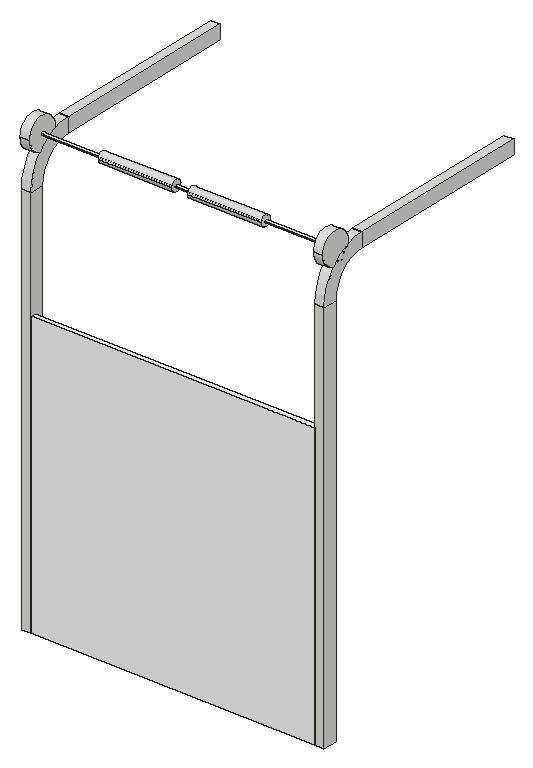
Revit family "Cruiserweight-HL", category Generic Models, host Wall, Revit 2023
Family settings
  Host = Wall
  Can host rebar = No
  Round Connector Dimension = Use Diameter
  Part Type = Normal
  Always vertical = Yes
  Cut with Voids When Loaded = Yes
  Maintain Annotation Orientation = No
  Shared = No
  Room Calculation Point = No
Parameters (values of type "9' x 9'")
  VerticalTrack = TrackHeight - (1' 6")  # 12' - 6"
  Type Comments = "Insulated"  # constant formula
  TrackWidth = 0' - 3 1/2"
  TrackHeight = OpeningHeight + HeadRoom  # 14' - 0"
  TrackDepth = 0' - 5 3/8"
  PanelSize = 2' - 0"  # constant formula
  OpeningWidth = 9' - 0"
  OpeningHeight = 9' - 0"
  Model = "Cruiserweight"  # constant formula
  Manufacturer = "TKO"  # constant formula
  HorizTrack = OpeningHeight - HeadRoom + 2' 0"  # 6' - 0"
  HeadRoom = 5' - 0"  # constant formula
  DoorThk = 0' - 1 3/4"  # constant formula
  Description = "Sectional Door"  # constant formula
  Default Elevation = 0' - 0"
Types (16): name | VerticalTrack | TrackHeight | TrackDepth | OpeningWidth | OpeningHeight | HorizTrack
  (no name) | 12' - 6" | 14' - 0" | 0' - 5 3/8" | 9' - 0" | 9' - 0" | 6' - 0"
  8' x 10' | 13' - 6" | 15' - 0" | 0' - 5 3/8" | 8' - 0" | 10' - 0" | 7' - 0"
  9' x 10' | 13' - 6" | 15' - 0" | 0' - 5 3/8" | 9' - 0" | 10' - 0" | 7' - 0"
  10' x 10' | 13' - 6" | 15' - 0" | 0' - 5 3/8" | 10' - 0" | 10' - 0" | 7' - 0"
  10' x 11' | 14' - 6" | 16' - 0" | 0' - 5 5/8" | 10' - 0" | 11' - 0" | 8' - 0"
  9' x 11' | 14' - 6" | 16' - 0" | 0' - 5 3/8" | 9' - 0" | 11' - 0" | 8' - 0"
  8' x 11' | 14' - 6" | 16' - 0" | 0' - 5 3/8" | 8' - 0" | 11' - 0" | 8' - 0"
  10' x 12' | 15' - 6" | 17' - 0" | 0' - 5 3/8" | 10' - 0" | 12' - 0" | 9' - 0"
  8' x 12' | 15' - 6" | 17' - 0" | 0' - 5 3/8" | 8' - 0" | 12' - 0" | 9' - 0"
  9' x 12' | 15' - 6" | 17' - 0" | 0' - 5 3/8" | 9' - 0" | 12' - 0" | 9' - 0"
  10' x 8' | 11' - 6" | 13' - 0" | 0' - 5 3/8" | 10' - 0" | 8' - 0" | 5' - 0"
  10' x 9' | 12' - 6" | 14' - 0" | 0' - 5 3/8" | 10' - 0" | 9' - 0" | 6' - 0"
  8' x 9' | 12' - 6" | 14' - 0" | 0' - 5 3/8" | 8' - 0" | 9' - 0" | 6' - 0"
  8' x 8' | 11' - 6" | 13' - 0" | 0' - 5 3/8" | 8' - 0" | 8' - 0" | 5' - 0"
  9' x 9' | 12' - 6" | 14' - 0" | 0' - 5 3/8" | 9' - 0" | 9' - 0" | 6' - 0"
  9' x 8' | 12' - 6" | 14' - 0" | 0' - 5 3/8" | 9' - 0" | 9' - 0" | 6' - 0"
Reference planes (in)
  plane 1: y = 0
  plane 2 "Center (Left/Right)": x = 0
  plane 3 "Wall Edge": y = 3
  plane 4: x = -54
  plane 5: x = 54
  plane 6: z = 108
  plane 7: y = 3
  plane 8: y = 4.75
  plane 9: z = 24
  plane 10: z = 48
  plane 11: z = 72
  plane 12: x = -57.5
  plane 13: x = 57.5
  plane 14: y = 8.375
  plane 15: z = 168
  plane 16: z = 96
  plane 17: z = 120
  plane 18: x = -3
  plane 19: x = 3
  plane 20: x = 31
  plane 21: x = -31
  plane 22: z = 150
  plane 23: y = 21
  plane 24: y = 93
Forms (in)
  Extrusion 1, void
    sketch origin (0, 3, 0) x (1, 0, 0) y (0, 0, 1)
      loop
        line (54, 108) -> (-54, 108) -> (-54, 0) -> (54, 0) -> (54, 108)
    from 0 to 6
  Extrusion 2, solid, material "DOOR PANEL"
    sketch origin (0, 0, 0) x (1, 0, 0) y (0, 1, 0)
      loop
        line (-54, 4.75) -> (-54, 3) -> (54, 3) -> (54, 4.75) -> (-54, 4.75)
    from 0 to 108
  Extrusion 3, solid, material "Steel"
    sketch origin (0, 0, 0) x (1, 0, 0) y (0, 1, 0)
      loop
        line (-57.5, 8.375) -> (-57.5, 3) -> (-54, 3) -> (-54, 8.375) -> (-57.5, 8.375)
      loop
        line (54, 8.375) -> (54, 3) -> (57.5, 3) -> (57.5, 8.375) -> (54, 8.375)
    from 0 to 150
  Extrusion 4, solid, material "Steel"
    sketch origin (0, 0, 0) x (0, 1, 0) y (0, 0, 1)
      loop
        circle (8.375, 168) r 6
    from 54 to 57.5
  Extrusion 5, solid, material "Steel"
    sketch origin (0, -10.92879, 3.20988) x (0, 1, 0) y (0, 0, -1)
      loop
        circle (19.30379, -164.79012) r 6
    from 54 to 57.5
  Extrusion 6, solid, material "Steel"
    sketch origin (0, 0, 0) x (0, 1, 0) y (0, 0, 1)
      loop
        circle (8.375, 168) r 0.5
    from -54 to 54
  Extrusion 7, solid, material "Steel"
    sketch origin (0, 0, 0) x (0, 1, 0) y (0, 0, 1)
      loop
        circle (8.375, 168) r 2
    from 3 to 31
  Extrusion 8, solid, material "Steel"
    sketch origin (0, 0, 0) x (0, 1, 0) y (0, 0, -1)
      loop
        circle (8.375, -168) r 2
    from 3 to 31
  Extrusion 9, solid, material "Steel"
    sketch origin (0, 0, 0) x (0, 1, 0) y (0, 0, 1)
      loop
        line (3, 150) -> (8.375, 150)
        arc (8.375, 150) -> (12.07278, 158.92722) -> (21, 162.625) r 12.625
        line (21, 162.625) -> (21, 168)
        arc (21, 168) -> (8.27208, 162.72792) -> (3, 150) r 18
    from 54 to 57.5
  Extrusion 10, solid, material "Steel"
    sketch origin (0, 0, 0) x (0, 1, 0) y (0, 0, -1)
      loop
        arc (3, -150) -> (8.27208, -162.72792) -> (21, -168) r 18
        line (21, -168) -> (21, -162.625)
        arc (21, -162.625) -> (12.07278, -158.92722) -> (8.375, -150) r 12.625
        line (8.375, -150) -> (3, -150)
    from 54 to 57.5
  Extrusion 11, solid, material "Steel"
    sketch origin (0, 3, 0) x (1, 0, 0) y (0, 0, 1)
      loop
        line (-57.5, 168) -> (-57.5, 162.625) -> (-54, 162.625) -> (-54, 168) -> (-57.5, 168)
      loop
        line (57.5, 168) -> (54, 168) -> (54, 162.625) -> (57.5, 162.625) -> (57.5, 168)
    from -90 to -18
Cuts and joins
  joined: Extrusion 3, Extrusion 4, Extrusion 5
Lines and regions (in)
  model lines
    curve 1: line (54, 3, 24) -> (-54, 3, 24)
    curve 2: line (-54, 3, 48) -> (54, 3, 48)
    curve 3: line (54, 3, 72) -> (-54, 3, 72)
    curve 4: line (54, 3, 96) -> (-54, 3, 96)
    curve 5: line (54, 3, 120) -> (-54, 3, 120)
Text (in)
  text "Placement Side" at (0, 40.15149, 123.01588), in view "Right"
  text "Placement Side" at (-70.3804, 83.26548, 0), in view "Ref. Level"
  text "Placement Side" at (0, 81.62555, 140.59947), in view "Left"
Dimensions and locks (in)
  locked: plane 3 "Wall Edge" to host wall
  equal spacing: plane 5, plane 2 "Center (Left/Right)", plane 4
  "OpeningWidth": plane 5 to plane 4
  "DoorThk": plane 7 to plane 8
  "TrackDepth": plane 14 to plane 7
  "TrackWidth": plane 12 to plane 4
  "TrackWidth": plane 5 to plane 13
  "PanelSize": plane 9 to level
  equal spacing: plane 17, plane 16, plane 11, plane 10, plane 9, level
  "OpeningHeight": level to plane 6
  equal spacing: plane 18, plane 2 "Center (Left/Right)", plane 19, locked at 3 each
  locked: plane 21 to plane 18 at 28
  locked: plane 19 to plane 20 at 28
  "VerticalTrack": level to plane 22
  "HeadRoom": plane 6 to plane 15
  locked: plane 7 to plane 23 at 18
  "HorizTrack": plane 24 to plane 23
  radius of Extrusion 4 sketch curve = 0' - 6"
  radius of Extrusion 5 sketch curve = 0' - 6"
  radius of Extrusion 6 sketch curve = 0' - 0 1/2"
  radius of Extrusion 7 sketch curve = 0' - 2"
  radius of Extrusion 8 sketch curve = 0' - 2"
  radius of Extrusion 9 sketch curve = 1' - 6"
  radius of Extrusion 9 sketch curve = 1' - 0 5/8"
  radius of Extrusion 10 sketch curve = 1' - 6"
  radius of Extrusion 10 sketch curve = 1' - 0 5/8"
  aligned and locked: host wall to plane 7
  aligned and locked: Extrusion 1 sketch curve to plane 5
  aligned and locked: Extrusion 1 sketch curve to plane 4
  aligned and locked: Extrusion 1 to plane 7
  aligned and locked: host wall to Extrusion 1
  aligned and locked: Extrusion 2 to plane 3 "Wall Edge"
  aligned and locked: plane 8 to Extrusion 2
  aligned and locked: Extrusion 2 to plane 6
  aligned and locked: Extrusion 3 sketch curve to plane 14  (x2)
  aligned and locked: Extrusion 3 sketch curve to plane 12
  aligned and locked: curve 1 to Extrusion 3 sketch curve
  aligned and locked: plane 5 to Extrusion 3 sketch curve
  aligned and locked: Extrusion 3 sketch curve to plane 7
  aligned and locked: Extrusion 3 sketch curve to plane 13
  aligned and locked: plane 15 to Extrusion 4 sketch curve
  aligned and locked: Extrusion 3 to Extrusion 4 sketch curve
  aligned and locked: Extrusion 4 to plane 13
  aligned and locked: Extrusion 4 to plane 5
  aligned and locked: plane 4 to Extrusion 5
  aligned and locked: Extrusion 5 to plane 12
  aligned and locked: curve 2 to plane 10
  aligned and locked: curve 3 to plane 11
  aligned and locked: curve 1 to plane 9
  aligned and locked: cut or joined group of Extrusion 3, Extrusion 4, Extrusion 5 to Extrusion 6 sketch curve
  aligned and locked: plane 5 to Extrusion 6
  aligned and locked: Extrusion 6 to plane 4
  aligned and locked: cut or joined group of Extrusion 3, Extrusion 4, Extrusion 5 to level
  aligned and locked: Extrusion 2 to level
  aligned and locked: curve 4 to plane 16
  aligned and locked: curve 5 to plane 17
  aligned and locked: level to Extrusion 2
  aligned and locked: Extrusion 1 sketch curve to level
  aligned and locked: Extrusion 1 sketch curve to plane 6
  aligned and locked: plane 15 to Extrusion 7 sketch curve
  aligned and locked: plane 14 to Extrusion 7 sketch curve
  aligned and locked: Extrusion 7 to plane 20
  aligned and locked: plane 19 to Extrusion 7
  aligned and locked: Extrusion 8 to plane 18
  aligned and locked: plane 21 to Extrusion 8
  aligned and locked: plane 15 to Extrusion 8 sketch curve
  aligned and locked: Extrusion 8 sketch curve to plane 14
  aligned and locked: plane 22 to cut or joined group of Extrusion 3, Extrusion 4, Extrusion 5
  aligned and locked: Extrusion 9 sketch curve to cut or joined group of Extrusion 3, Extrusion 4, Extrusion 5
  aligned and locked: plane 23 to Extrusion 9 sketch curve
  aligned and locked: plane 22 to Extrusion 9 sketch curve
  aligned and locked: Extrusion 9 sketch curve to plane 23
  aligned and locked: cut or joined group of Extrusion 3, Extrusion 4, Extrusion 5 to Extrusion 9
  aligned and locked: Extrusion 9 to plane 5
  aligned and locked: plane 4 to Extrusion 10
  aligned and locked: plane 13 to Extrusion 9
  aligned and locked: plane 5 to Extrusion 9
  aligned and locked: Extrusion 11 sketch curve to Extrusion 10  (x4)
  aligned and locked: Extrusion 11 sketch curve to Extrusion 9  (x3)
  aligned and locked: Extrusion 9 to Extrusion 11 sketch curve
  aligned and locked: plane 24 to Extrusion 11
  aligned and locked: Extrusion 11 to plane 23
  aligned and locked: Extrusion 10 to plane 12
  aligned and locked: Extrusion 10 to plane 4
  aligned and locked: plane 15 to Extrusion 5 sketch curve
  aligned and locked: Extrusion 2 to plane 4
  aligned and locked: Extrusion 2 to plane 5
  aligned and locked: cut or joined group of Extrusion 3, Extrusion 4, Extrusion 5 to plane 4
Automatic sketch dimensions
  Extrusion 2 sketch curve to host wall = 0' - 0"
  Extrusion 2 sketch curve to plane 4 = 0' - 0"
  plane 5 to Extrusion 2 sketch curve = 0' - 0"
  Extrusion 2 sketch curve to plane 8 = 0' - 0"
  curve 3 to plane 4 = 0' - 0"
  curve 1 to plane 4 = 0' - 0"
  curve 2 to plane 4 = 0' - 0"
  curve 4 to plane 4 = 0' - 0"
  curve 5 to plane 4 = 0' - 0"
  curve 4 to plane 5 = 0' - 0"
  curve 2 to plane 5 = 0' - 0"
  curve 5 to plane 5 = 0' - 0"
  curve 1 to plane 5 = 0' - 0"
  curve 3 to plane 5 = 0' - 0"
  plane 4 to Extrusion 3 sketch curve = 0' - 0"
  Extrusion 3 sketch curve to plane 13 = 0' - 0"
  Extrusion 6 sketch curve to plane 15 = 0' - 0"
  Extrusion 10 sketch curve to Extrusion 10 sketch curve = 0' - 0"  (x2)
  Extrusion 10 sketch curve to host wall = 0' - 0"
  Extrusion 10 sketch curve to plane 15 = 0' - 0"
  Extrusion 5 sketch curve to plane 14 = 0' - 0"
